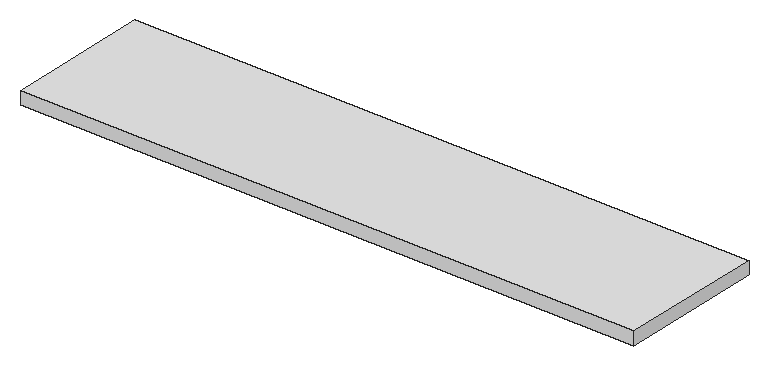
Revit family "11-TRIMBOARD-AND-STEALTH-TRIM-CADS-97-5-4-12-trim-4-REVIT_Versatex-Generic-Model-5-4in-x-12in-TRIMBOARD", category Generic Models, host Face, Revit 2026
Family settings
  Host = Face
  Can host rebar = No
  Round Connector Dimension = Use Diameter
  Part Type = Normal
  Cut with Voids When Loaded = No
  Maintain Annotation Orientation = No
  Shared = No
  Room Calculation Point = No
Parameters
  Model = "TBSM/TR541218"
  Length = 4' - 0"
  Warranty = "https://versatex.com/warranty/"
  URL = "https://versatex.com/"
  Specification = "https://www.arcat.com/company/versatex-45716/spec?coid=45716"
  Sales Information = "https://versatex.com/dealer-locator/"
  Message Manufacturer = "https://versatex.com/contact/"
  Material = Versatex PVC - Smooth
  Manufacturer Website = "https://versatex.com/"
  Manufacturer Phone = "724-857-1111"
  Manufacturer Fax = "724-857-1171"
  Manufacturer Address = "400 Steel Street, Aliquippa, PA 15001"
  Manufacturer = "Versatex"
  Literature = "https://versatex.com/literature/?_sft_literature_category=cads"
  Description = "NOMINAL 5/4” x 12” TRIMBOARD"
  Default Elevation = 4' - 0"
  Copyright = "© 2024 VERSATEX Building Products, LLC"
Reference planes (in)
  plane 1 "Center (Front/Back)": y = 0
  plane 2: z = 0
  plane 3 "Center (Left/Right)": x = 0
  plane 4: x = 24
  plane 5: x = -24
Forms (in)
  Sweep 1, solid, material "Versatex PVC - Smooth" <- "Material"
    path origin (0, 0, 0) x (1, 0, 0) y (0, 1, 0)
      loop
        line (-24, 0) -> (24, 0)
    profile "Versatex_Profile_5-4” x 12” TRIMBOARD : Versatex_Profile_5-4” x 12” TRIMBOARD" origin (0, 0, 0) x (0, 1, 0) y (0, 0, 1)
      loop
        line (0, 0) -> (11.25, 0) -> (11.25, 1) -> (0, 1) -> (0, 0)
Dimensions and locks (in)
  "Length": plane 5 to plane 4
  equal spacing: plane 5, plane 3 "Center (Left/Right)", plane 4, locked at 24 each
  aligned and locked: plane 2 to host face
  aligned and locked: level to host face
Automatic sketch dimensions
  host sketch curve to host sketch curve = 8' - 0"  (x2)
  plane 1 "Center (Front/Back)" to Sweep 1 sketch curve = 0' - 0"
  Sweep 1 sketch curve to plane 5 = 0' - 0"
  Sweep 1 sketch curve to plane 4 = 0' - 0"
